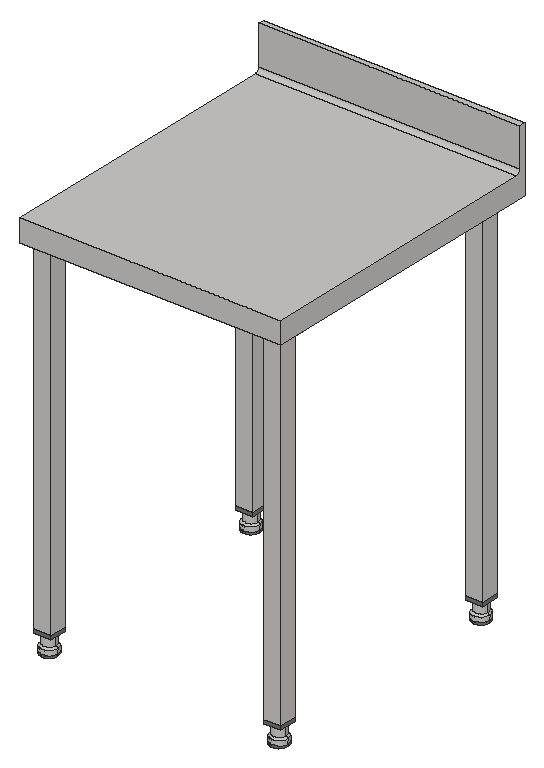
Revit family "QF_ELECTROLUXPROFESSIONAL_133228_TG600UN", category Attrezzature speciali, Revit 2020
Family settings
  Quota connettore circolare = Usa diametro
  Tipo di parte = Normale
  Basato su piano di lavoro = No
  Sempre verticale = Sì
  Taglio con vuoti quando caricato = No
  Condiviso = No
  Punto di calcolo locali = No
Parameters (values of type "Standard")
  Weight = 21.00 kg
  Watts = 0 W
  Volts = 0 V
  URL Manufacturer = "https://www.electroluxprofessional.com/"
  URL = "https://www.electroluxprofessional.com/"
  Steam Supply Size = 0 mm
  Steam Supply Minimum Pressure = 0.0 Pa
  Steam Supply Maximum Pressure = 0.0 Pa
  Steam Consumption per Hour = 0
  Refrigeration Suction Line Size = 0.0 mm
  Refrigeration Liquid Line Size = 0.0 mm
  Refrigerant Compressor Remote = yes
  Prospetto di default = 0.0 mm
  Produttore = "Electrolux Professional"
  Phase = 0
  Modello = "TG600UN"
  Length Actual = 600.0 mm  # constant formula
  Item Number = "133228"
  Hot Water Size = 0 mm
  Height Actual = 1000.0 mm  # constant formula
  HP = "0 HP"
  Gas Size = 0 mm
  Gas KW = 0
  Gas Input Pressure = 0 W
  Direct Waste Size = 0 mm
  Descrizione = "WORK TABLE WITH UPSTAND 600 MM"
  Depth Actual = 700.0 mm  # constant formula
  Cycle = 0 Hz
  Condensate Return Size = 0 mm
  Compressed Air Volume = 0.0 L/s
  Compressed Air Size = 0 mm
  Compressed Air Pressure = 0.0 Pa
  Cold Water Size = 0 mm
  Accessory = yes
Reference planes
  plane 1 "Center (Front/Back)": y = 0
  plane 2: z = 0
  plane 3 "Center (Left/Right)": x = 200
  plane 4 "LEFT": x = -100
  plane 5 "RIGHT": x = 500
  plane 6 "BACK": y = 350
  plane 7 "FRONT": y = -350
  plane 8 "Base": z = 850
  plane 9 "TOP": z = 900
  plane 10: x = -64.5
  plane 11: x = 464.5
  plane 12: y = 269.5
  plane 13: y = -310.5
Forms (mm)
  Extrusion 1, solid, material "QF_Finishes_Stainless Steel"
    sketch origin (200, 0, 0) x (0, 1, 0) y (0, 0, 1)
      loop
        line (-350, 850) -> (350, 850) -> (350, 1000) -> (337, 1000) -> (337, 910)
        arc (337, 910) -> (334.071, 902.929) -> (327, 900) r 10
        line (327, 900) -> (-350, 900) -> (-350, 850)
    from 300 to -300
Lines and regions (mm)
  symbolic lines
    curve 1: line (500, 350, 900) -> (-100, 350, 900)
    curve 2: line (-100, 350, 900) -> (-100, -350, 900)
    curve 3: line (-100, -350, 900) -> (500, -350, 900)
    curve 4: line (500, -350, 900) -> (500, 350, 900)
    curve 5: line (500, 337, 900) -> (-100, 337, 900)
Dimensions and locks
  plane 4 "LEFT" to plane 5 "RIGHT" = 600.0 mm
  equal spacing: plane 4 "LEFT", plane 3 "Center (Left/Right)", plane 5 "RIGHT"
  locked: plane 8 "Base" to level at 850
  plane 4 "LEFT" to plane 10 = 35.5 mm
  plane 11 to plane 5 "RIGHT" = 35.5 mm
  plane 10 to plane 11 = 529.0 mm
  locked: Extrusion 1 to level at 1000
  plane 9 "TOP" to level = 900.0 mm
  plane 6 "BACK" to plane 12 = 80.5 mm
  plane 13 to plane 7 "FRONT" = 39.5 mm
  plane 6 "BACK" to plane 7 "FRONT" = 700.0 mm
  plane 12 to plane 13 = 580.0 mm
  equal spacing: plane 6 "BACK", plane 1 "Center (Front/Back)", plane 7 "FRONT"
  aligned and locked: level to plane 2
  aligned and locked: plane 10 to nested 1
  aligned and locked: nested 1 to plane 13
  aligned and locked: plane 11 to nested 2
  aligned and locked: nested 2 to plane 13
  aligned and locked: plane 11 to nested 4
  aligned and locked: nested 4 to plane 12
  aligned and locked: plane 10 to nested 3
  aligned and locked: nested 3 to plane 12
  aligned and locked: Extrusion 1 to plane 4 "LEFT"
  aligned and locked: plane 5 "RIGHT" to Extrusion 1
  aligned and locked: curve 2 to plane 4 "LEFT"
Automatic sketch dimensions
  Extrusion 1 sketch curve to plane 7 "FRONT" = 0.0 mm
  Extrusion 1 sketch curve to plane 9 "TOP" = 0.0 mm
  Extrusion 1 sketch curve to plane 6 "BACK" = 0.0 mm
  Extrusion 1 sketch curve to plane 8 "Base" = 0.0 mm
  plane 9 "TOP" to Extrusion 1 sketch curve = 10.0 mm
  Extrusion 1 sketch curve to plane 6 "BACK" = 13.0 mm
  Extrusion 1 sketch curve to Extrusion 1 sketch curve = 90.0 mm
  curve 3 to plane 7 "FRONT" = 0.0 mm
  curve 5 to plane 5 "RIGHT" = 0.0 mm
  curve 4 to plane 6 "BACK" = 0.0 mm
  curve 5 to plane 6 "BACK" = 13.0 mm
Nested families
  nested 1: "FEET_40x40_APP42" at (-64.5, -310.5, 0), type "FEET_40x40_APP42"
  nested 2: "FEET_40x40_APP42" at (464.5, -310.5, 0), type "FEET_40x40_APP42"
  nested 3: "FEET_40x40_APP42" at (-64.5, 269.5, 0), type "FEET_40x40_APP42"
  nested 4: "FEET_40x40_APP42" at (464.5, 269.5, 0), type "FEET_40x40_APP42"
Definition of nested family "FEET_40x40_APP42"
  Parameters
    Default Elevation = 0.0 mm
    FEET = 850.0 mm
  Reference planes
    plane 1 "Center (Front/Back)": y = 0
    plane 2: z = 0
    plane 3 "Center (Left/Right)": x = 0
    plane 4: z = 850
  Forms (mm)
    Extrusion 1, solid
      sketch origin (0, 0, 0) x (1, 0, 0) y (0, 1, 0)
        loop
          line (-20, -20) -> (20, -20) -> (20, 20) -> (-20, 20) -> (-20, -20)
      from 50 to 845
    Extrusion 2, solid
      sketch origin (0, 0, 0) x (1, 0, 0) y (0, 1, 0)
        loop
          circle (0, 0) r 20
      from 0 to 5
    Extrusion 3, solid
      sketch origin (0, 0, 0) x (1, 0, 0) y (0, 1, 0)
        loop
          line (30, 30) -> (-30, 30) -> (-30, -30) -> (30, -30) -> (30, 30)
      from 845 to 850
    Extrusion 4, solid
      sketch origin (0, 0, 0) x (1, 0, 0) y (0, 1, 0)
        loop
          line (-20, -20) -> (20, -20) -> (20, 20) -> (-20, 20) -> (-20, -20)
      from 50 to 42
    Revolve 5, solid
      sketch origin (0, 0, 0) x (1, 0, 0) y (0, 0, 1)
        loop
          line (0, 42) -> (-15, 42) -> (-15, 20) -> (-20, 15) -> (-20, 5) -> (0, 5) -> (0, 42)
        axis (0, 42) -> (0, 5)
      angle from 0 to 360
  Lines and regions (mm)
    symbolic lines
      curve 1: line (0, -1.503, 0) -> (0, 1.508, 0)
      curve 2: line (1.561, 0, 0) -> (-1.439, 0, 0)
  Dimensions and locks
    "FEET": plane 4 to plane 2
    aligned and locked: level to plane 2
  Automatic sketch dimensions
    plane 1 "Center (Front/Back)" to curve 2 = 0.0 mm
    curve 1 to plane 3 "Center (Left/Right)" = 0.0 mm
    curve 2 to plane 3 "Center (Left/Right)" = 1.439 mm
    plane 3 "Center (Left/Right)" to curve 2 = 1.561 mm
    plane 1 "Center (Front/Back)" to curve 1 = 1.503 mm
    curve 1 to plane 1 "Center (Front/Back)" = 1.508 mm
    Extrusion 1 sketch curve to plane 3 "Center (Left/Right)" = 20.0 mm
    plane 3 "Center (Left/Right)" to Extrusion 1 sketch curve = 20.0 mm
    plane 1 "Center (Front/Back)" to Extrusion 1 sketch curve = 20.0 mm
    Extrusion 1 sketch curve to plane 1 "Center (Front/Back)" = 20.0 mm
    plane 1 "Center (Front/Back)" to Extrusion 2 sketch curve = 0.0 mm
    Extrusion 2 sketch curve to plane 3 "Center (Left/Right)" = 0.0 mm
    Extrusion 3 sketch curve to plane 3 "Center (Left/Right)" = 30.0 mm
    plane 3 "Center (Left/Right)" to Extrusion 3 sketch curve = 30.0 mm
    plane 1 "Center (Front/Back)" to Extrusion 3 sketch curve = 30.0 mm
    Extrusion 3 sketch curve to plane 1 "Center (Front/Back)" = 30.0 mm
    Extrusion 4 sketch curve to plane 3 "Center (Left/Right)" = 20.0 mm
    plane 3 "Center (Left/Right)" to Extrusion 4 sketch curve = 20.0 mm
    plane 1 "Center (Front/Back)" to Extrusion 4 sketch curve = 20.0 mm
    Extrusion 4 sketch curve to plane 1 "Center (Front/Back)" = 20.0 mm
    Revolve 5 sketch curve to plane 3 "Center (Left/Right)" = 0.0 mm  (x2)
    Revolve 5 sketch curve to plane 3 "Center (Left/Right)" = 15.0 mm
    Revolve 5 sketch curve to Revolve 5 sketch curve = 5.0 mm  (x3)
    level to Revolve 5 sketch curve = 5.0 mm
    Revolve 5 sketch curve to Revolve 5 sketch curve = 10.0 mm
    Revolve 5 sketch curve to Revolve 5 sketch curve = 22.0 mm
    Revolve 5 sketch curve to level = 9.561 mm
    radius of Extrusion 2 sketch curve = 20.0 mm
